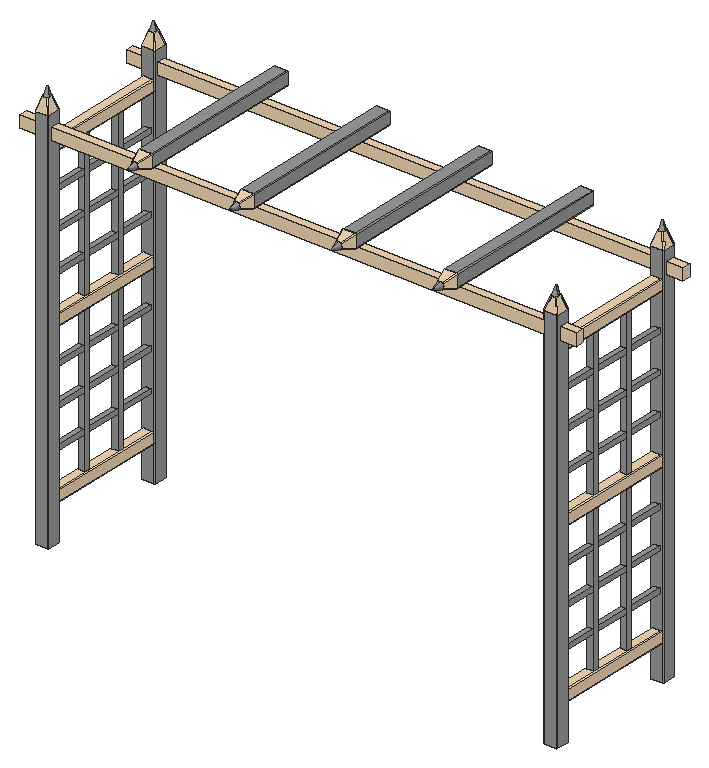
Revit family "Пергола «Позитив»", category Антураж, Revit 2017
Family settings
  На основе рабочей плоскости = Нет
  Всегда вертикально = Да
  При загрузке вырезать с полостями = Нет
  Источник визуального образа = Геометрия семейства
  Общий = Нет
  Точка расчета площади = Нет
Parameters (values of type "Пергола «Позитив»")
  Цвет_5 = Краска_5
  Цвет_4 = Краска_4
  Цвет_3 = Краска_3
  Цвет_2 = Краска_2
  Цвет_1 = Краска_1
  Стоимость = 36285
  Изготовитель = "ООО \"Хоббика\""
  Высота = 0 mm
  URL = "https://hobbyka.ru/product/pergola_pozitiv/?sphrase_id=72355"
  ADSK_Размер_Ширина = 1120 mm
  ADSK_Размер_Длина = 3260 mm
  ADSK_Размер_Высота = 2400 mm
  ADSK_Наименование = "Пергола «Позитив»"
  ADSK_Материал перголы = Ясень
  ADSK_Код изделия = "10712"
Reference planes
  plane 1 "По центру (Вперед/Назад)": y = 0
  plane 2: z = 0
  plane 3 "По центру (Влево/Вправо)": x = 0
Forms (mm)
  Extrusion 1, solid, material "Ясень" <- "ADSK_Материал перголы"
    sketch origin (0, 0, 0) x (1, 0, 0) y (0, 0, 1)
      loop
        line (-1465, 1195) -> (-1515, 1195) -> (-1520, 1190) -> (-1520, 1130) -> (-1515, 1125) -> (-1465, 1125) -> (-1460, 1130) -> (-1460, 1190) -> (-1465, 1195)
      loop
        line (-1465, 271.033) -> (-1515, 271.033) -> (-1520, 266.033) -> (-1520, 206.033) -> (-1515, 201.033) -> (-1465, 201.033) -> (-1460, 206.033) -> (-1460, 266.033) -> (-1465, 271.033)
      loop
        line (-1465, 2119) -> (-1515, 2119) -> (-1520, 2114) -> (-1520, 2054) -> (-1515, 2049) -> (-1465, 2049) -> (-1460, 2054) -> (-1460, 2114) -> (-1465, 2119)
    from -285 to 415
  Extrusion 2, solid, material "Краска_1" <- "Цвет_1"
    sketch origin (0, 0, 0) x (0, 1, 0) y (0, 0, 1)
      loop
        line (-172, 1195) -> (-172, 2049) -> (-202, 2049) -> (-202, 1195) -> (-172, 1195)
      loop
        line (42, 1195) -> (72, 1195) -> (72, 2049) -> (42, 2049) -> (42, 1195)
      loop
        line (42, 1125) -> (42, 271) -> (72, 271) -> (72, 1125) -> (42, 1125)
      loop
        line (-202, 1125) -> (-202, 271) -> (-172, 271) -> (-172, 1125) -> (-202, 1125)
    from -1510 to -1470
  Extrusion 3, solid, material "Краска_1" <- "Цвет_1"
    sketch origin (0, 0, 0) x (0, 1, 0) y (0, 0, 1)
      loop
        line (285, 1857.5) -> (-415, 1857.5) -> (-415, 1828) -> (285, 1828) -> (285, 1857.5)
      loop
        line (285, 1638) -> (-415, 1638) -> (-415, 1608.5) -> (285, 1608.5) -> (285, 1638)
      loop
        line (285, 1416.5) -> (-415, 1416.5) -> (-415, 1387) -> (285, 1387) -> (285, 1416.5)
      loop
        line (285, 933.5) -> (-415, 933.5) -> (-415, 904) -> (285, 904) -> (285, 933.5)
      loop
        line (285, 714) -> (-415, 714) -> (-415, 684.5) -> (285, 684.5) -> (285, 714)
      loop
        line (285, 492.5) -> (-415, 492.5) -> (-415, 463) -> (285, 463) -> (285, 492.5)
    from -1505 to -1475
  Extrusion 4, solid, material "Ясень" <- "ADSK_Материал перголы"
    sketch origin (0, 0, 0) x (0, 1, 0) y (0, 0, 1)
      loop
        line (350, 2139) -> (350, 2209) -> (300, 2209) -> (300, 2139) -> (350, 2139)
      loop
        line (-430, 2139) -> (-430, 2209) -> (-480, 2209) -> (-480, 2139) -> (-430, 2139)
    from -1630 to 1630
  Extrusion 5, solid, material "Ясень" <- "ADSK_Материал перголы"
    sketch origin (0, 0, 0) x (-1, 0, 0) y (0, 0, -1)
      loop
        line (-1465, -1195) -> (-1460, -1190) -> (-1460, -1130) -> (-1465, -1125) -> (-1515, -1125) -> (-1520, -1130) -> (-1520, -1190) -> (-1515, -1195) -> (-1465, -1195)
      loop
        line (-1465, -271.033) -> (-1460, -266.033) -> (-1460, -206.033) -> (-1465, -201.033) -> (-1515, -201.033) -> (-1520, -206.033) -> (-1520, -266.033) -> (-1515, -271.033) -> (-1465, -271.033)
      loop
        line (-1465, -2119) -> (-1460, -2114) -> (-1460, -2054) -> (-1465, -2049) -> (-1515, -2049) -> (-1520, -2054) -> (-1520, -2114) -> (-1515, -2119) -> (-1465, -2119)
    from -285 to 415
  Extrusion 6, solid, material "Краска_3" <- "Цвет_3"
    sketch origin (0, 0, 0) x (0, 1, 0) y (0, 0, -1)
      loop
        line (-172, -1195) -> (-202, -1195) -> (-202, -2049) -> (-172, -2049) -> (-172, -1195)
      loop
        line (42, -1195) -> (42, -2049) -> (72, -2049) -> (72, -1195) -> (42, -1195)
      loop
        line (42, -1125) -> (72, -1125) -> (72, -271) -> (42, -271) -> (42, -1125)
      loop
        line (-202, -1125) -> (-172, -1125) -> (-172, -271) -> (-202, -271) -> (-202, -1125)
    from -1510 to -1470
  Extrusion 7, solid, material "Краска_3" <- "Цвет_3"
    sketch origin (0, 0, 0) x (0, 1, 0) y (0, 0, -1)
      loop
        line (285, -1857.5) -> (285, -1828) -> (-415, -1828) -> (-415, -1857.5) -> (285, -1857.5)
      loop
        line (285, -1638) -> (285, -1608.5) -> (-415, -1608.5) -> (-415, -1638) -> (285, -1638)
      loop
        line (285, -1416.5) -> (285, -1387) -> (-415, -1387) -> (-415, -1416.5) -> (285, -1416.5)
      loop
        line (285, -933.5) -> (285, -904) -> (-415, -904) -> (-415, -933.5) -> (285, -933.5)
      loop
        line (285, -714) -> (285, -684.5) -> (-415, -684.5) -> (-415, -714) -> (285, -714)
      loop
        line (285, -492.5) -> (285, -463) -> (-415, -463) -> (-415, -492.5) -> (285, -492.5)
    from -1505 to -1475
Dimensions and locks
  aligned and locked: level to plane 2
  aligned and locked: Extrusion 1 to nested 2
  aligned and locked: Extrusion 1 to nested 1
  aligned and locked: Extrusion 5 to nested 8
  aligned and locked: Extrusion 5 to nested 7
Nested families
  nested 1: "Карандаш" at (-1490, 325, 0), материал <- "ADSK_Материал перголы", Материал_карандаша <- "Цвет_2", type "Карандаш"
    with материал Ясень, Материал_карандаша Краска_2, Длина 2270 mm
  nested 2: "Карандаш" at (-1490, -455, 0), Материал_карандаша <- "Цвет_1", материал <- "ADSK_Материал перголы", type "Карандаш"
    with материал Ясень, Материал_карандаша Краска_1, Длина 2270 mm
  nested 3: "Карандаш_1" at (-879, 495, 2209) x (0, -1, 0) z (0, 0, 1), Материал_карандаша <- "Цвет_5", материал <- "ADSK_Материал перголы", type "Карандаш_1"
    with материал Ясень, Материал_карандаша Краска_5, Длина 990 mm
  nested 4: "Карандаш_1" at (-283, 495, 2209) x (0, -1, 0) z (0, 0, 1), Материал_карандаша <- "Цвет_5", материал <- "ADSK_Материал перголы", type "Карандаш_1"
    with материал Ясень, Материал_карандаша Краска_5, Длина 990 mm
  nested 5: "Карандаш_1" at (313, 495, 2209) x (0, -1, 0) z (0, 0, 1), Материал_карандаша <- "Цвет_2", материал <- "ADSK_Материал перголы", type "Карандаш_1"
    with материал Ясень, Материал_карандаша Краска_2, Длина 990 mm
  nested 6: "Карандаш_1" at (909, 495, 2209) x (0, -1, 0) z (0, 0, 1), Материал_карандаша <- "Цвет_2", материал <- "ADSK_Материал перголы", type "Карандаш_1"
    with материал Ясень, Материал_карандаша Краска_2, Длина 990 mm
  nested 7: "Карандаш" at (1490, 325, 0) x (-1, 0, 0) z (0, 0, 1), Материал_карандаша <- "Цвет_3", материал <- "ADSK_Материал перголы", type "Карандаш"
    with материал Ясень, Материал_карандаша Краска_3, Длина 2270 mm
  nested 8: "Карандаш" at (1490, -455, 0) x (-1, 0, 0) z (0, 0, 1), Материал_карандаша <- "Цвет_4", материал <- "ADSK_Материал перголы", type "Карандаш"
    with материал Ясень, Материал_карандаша Краска_4, Длина 2270 mm
Definition of nested family "Карандаш"
  Parameters (values of type "Карандаш")
    материал [instance] = none
    Материал_карандаша [instance] = none
    Длина [instance] = 2337.142 mm
    Height = 0 mm
  Reference planes
    plane 1 "По центру (Вперед/Назад)": y = 0
    plane 2: z = 0
    plane 3 "По центру (Влево/Вправо)": x = 0
    plane 4 "1": z = 2337.142
    plane 5 "2": z = 2417.142
    plane 6: z = 2467.142
  Forms (mm)
    Extrusion 1, solid, material <- "Материал_карандаша"
      sketch origin (0, 0, 0) x (1, 0, 0) y (0, 1, 0)
        loop
          line (-35, 40) -> (-40, 35) -> (-40, -35) -> (-35, -40) -> (35, -40) -> (40, -35) -> (40, 35) -> (35, 40) -> (-35, 40)
      from 0 to 2337.142
    Blend 2, solid, material <- "материал"
      base sketch origin (0, 0, 0) x (1, 0, 0) y (0, 1, 0)
        loop
          line (35, 40) -> (-35, 40) -> (-40, 35) -> (-40, -35) -> (-35, -40) -> (35, -40) -> (40, -35) -> (40, 35) -> (35, 40)
      top sketch origin (0, 0, 0) x (1, 0, 0) y (0, 1, 0)
        loop
          line (12.5, 17.5) -> (-12.5, 17.5) -> (-17.5, 12.5) -> (-17.5, -12.5) -> (-12.5, -17.5) -> (12.5, -17.5) -> (17.5, -12.5) -> (17.5, 12.5) -> (12.5, 17.5)
      from 2337.142 to 2417.142
    Blend 3, solid, material <- "Материал_карандаша"
      base sketch origin (0, 0, 0) x (1, 0, 0) y (0, 1, 0)
        loop
          circle (0, 0) r 17.5
      top sketch origin (0, 0, 0) x (1, 0, 0) y (0, 1, 0)
        loop
          circle (0, 0) r 2
      from 2417.142 to 2467.142
  Dimensions and locks
    "Длина": level to plane 4 "1"
    locked: plane 5 "2" to plane 4 "1" at 80
    locked: plane 6 to plane 5 "2" at 50
    aligned and locked: level to plane 2
    aligned and locked: plane 4 "1" to Extrusion 1
    aligned and locked: Blend 2 to plane 5 "2"
    aligned and locked: Blend 2 to plane 4 "1"
    aligned and locked: plane 4 "1" to Blend 2
    aligned and locked: Blend 3 to plane 6
    aligned and locked: plane 5 "2" to Blend 3
  Automatic sketch dimensions
    Extrusion 1 sketch curve to plane 3 "По центру (Влево/Вправо)" = 40 mm
    Extrusion 1 sketch curve to Extrusion 1 sketch curve = 5 mm  (x6)
    plane 3 "По центру (Влево/Вправо)" to Extrusion 1 sketch curve = 35 mm  (x2)
    plane 1 "По центру (Вперед/Назад)" to Extrusion 1 sketch curve = 40 mm
    Extrusion 1 sketch curve to plane 1 "По центру (Вперед/Назад)" = 35 mm  (x2)
    Blend 2 sketch curve to plane 3 "По центру (Влево/Вправо)" = 40 mm
    Blend 2 sketch curve to Blend 2 sketch curve = 5 mm  (x14)
    plane 3 "По центру (Влево/Вправо)" to Blend 2 sketch curve = 35 mm
    plane 1 "По центру (Вперед/Назад)" to Blend 2 sketch curve = 40 mm
    Blend 2 sketch curve to plane 1 "По центру (Вперед/Назад)" = 35 mm  (x2)
    Blend 2 sketch curve to plane 3 "По центру (Влево/Вправо)" = 12.5 mm
    Blend 2 sketch curve to Blend 2 sketch curve = 25 mm
    plane 3 "По центру (Влево/Вправо)" to Blend 2 sketch curve = 12.5 mm
    plane 1 "По центру (Вперед/Назад)" to Blend 2 sketch curve = 12.5 mm
    Blend 2 sketch curve to plane 1 "По центру (Вперед/Назад)" = 12.5 mm
    plane 1 "По центру (Вперед/Назад)" to Blend 3 sketch curve = 0 mm  (x2)
    Blend 3 sketch curve to plane 3 "По центру (Влево/Вправо)" = 0 mm  (x2)
    radius of Blend 3 sketch curve = 17.5 mm
    radius of Blend 3 sketch curve = 2 mm
Definition of nested family "Карандаш_1"
  Parameters (values of type "Карандаш_1")
    материал [instance] = none
    Материал_карандаша [instance] = none
    Длина [instance] = 2300 mm
    Height = 0 mm
  Reference planes
    plane 1 "По центру (Вперед/Назад)": y = 0
    plane 2: z = 0
    plane 3 "По центру (Влево/Вправо)": x = 0
    plane 4: x = 2300
    plane 5: x = 2380
    plane 6: x = 2430
  Forms (mm)
    Extrusion 1, solid, material <- "Материал_карандаша"
      sketch origin (0, 0, 40) x (0, 0, -1) y (0, 1, 0)
        loop
          line (-35, 40) -> (-40, 35) -> (-40, -35) -> (-35, -40) -> (35, -40) -> (40, -35) -> (40, 35) -> (35, 40) -> (-35, 40)
      from 0 to 2300
    Blend 2, solid, material <- "материал"
      base sketch origin (0, 0, 40) x (0, 0, -1) y (0, 1, 0)
        loop
          line (35, 40) -> (-35, 40) -> (-40, 35) -> (-40, -35) -> (-35, -40) -> (35, -40) -> (40, -35) -> (40, 35) -> (35, 40)
      top sketch origin (0, 0, 40) x (0, 0, -1) y (0, 1, 0)
        loop
          line (12.5, 17.5) -> (-12.5, 17.5) -> (-17.5, 12.5) -> (-17.5, -12.5) -> (-12.5, -17.5) -> (12.5, -17.5) -> (17.5, -12.5) -> (17.5, 12.5) -> (12.5, 17.5)
      from 2300 to 2380
    Blend 3, solid, material <- "Материал_карандаша"
      base sketch origin (0, 0, 40) x (0, 0, -1) y (0, 1, 0)
        loop
          circle (0, 0) r 17.5
      top sketch origin (0, 0, 40) x (0, 0, -1) y (0, 1, 0)
        loop
          circle (0, 0) r 2
      from 2380 to 2430
  Dimensions and locks
    "Длина": plane 4 to plane 3 "По центру (Влево/Вправо)"
    locked: plane 5 to plane 4 at 80
    locked: plane 6 to plane 5 at 50
    aligned and locked: level to plane 2
    aligned and locked: Extrusion 1 to plane 3 "По центру (Влево/Вправо)"
    aligned and locked: Blend 2 to plane 4
    aligned and locked: plane 4 to Extrusion 1
    aligned and locked: Blend 3 to plane 5
    aligned and locked: plane 6 to Blend 3
    aligned and locked: plane 5 to Blend 2
  Automatic sketch dimensions
    plane 1 "По центру (Вперед/Назад)" to Extrusion 1 sketch curve = 35 mm
    Extrusion 1 sketch curve to Extrusion 1 sketch curve = 5 mm  (x6)
    Extrusion 1 sketch curve to plane 1 "По центру (Вперед/Назад)" = 40 mm
    Extrusion 1 sketch curve to Extrusion 1 sketch curve = 70 mm  (x2)
    plane 1 "По центру (Вперед/Назад)" to Extrusion 1 sketch curve = 40 mm
    plane 1 "По центру (Вперед/Назад)" to Blend 2 sketch curve = 35 mm
    Blend 2 sketch curve to plane 1 "По центру (Вперед/Назад)" = 40 mm
    Blend 2 sketch curve to Blend 2 sketch curve = 5 mm  (x10)
    Blend 2 sketch curve to Blend 2 sketch curve = 70 mm  (x2)
    Blend 2 sketch curve to plane 1 "По центру (Вперед/Назад)" = 35 mm
    plane 1 "По центру (Вперед/Назад)" to Blend 2 sketch curve = 40 mm
    plane 1 "По центру (Вперед/Назад)" to Blend 2 sketch curve = 12.5 mm
    plane 1 "По центру (Вперед/Назад)" to Blend 2 sketch curve = 17.5 mm
    Blend 2 sketch curve to Blend 2 sketch curve = 25 mm  (x2)
    Blend 2 sketch curve to plane 1 "По центру (Вперед/Назад)" = 12.5 mm  (x2)
    Blend 3 sketch curve to plane 1 "По центру (Вперед/Назад)" = 0 mm  (x2)
    radius of Blend 3 sketch curve = 17.5 mm
    radius of Blend 3 sketch curve = 2 mm
